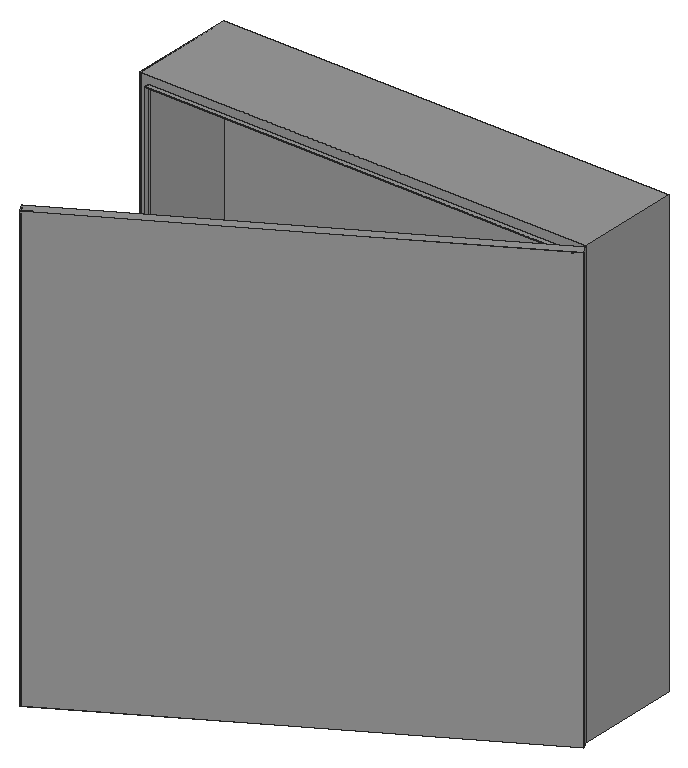
Revit family "Hager-Univers-IP44-D205-H800-Cl.II-Encl-NoHosted-AT-de", category Equipement électrique, Revit 2020
Family settings
  Configuration du panneau = Deux colonnes, circuits au sein
  Cote de connecteur circulaire = Utiliser le diamètre
  Type d'élément = Tableau de raccordement
  Basée sur le plan de construction = Oui
  Toujours verticalement = Oui
  Couper avec des vides une fois chargée = Non
  Partagée = Non
  Point de calcul de pièce = Non
Parameters (values of type "Aufputz IP44 B800 H800 T205  - FP53SN2")
  Width Control [instance] = if([EF000008 - Breite] > Min Width, [EF000008 - Breite], Min Width)  # 800 mm
  Commentaires du type = [HG000003 - Bereich]  # "Univers"
  Thickness Door [instance] = if([EF009171 - Materialstärke Tür/Deckel] > 3 mm, 3 mm, [EF009171 - Materialstärke Tür/Deckel])  # 1 mm
  Seal Frame Offset [instance] = 17 mm  # constant formula
  Plinth Visibility [instance] = [HG000027 - Sockelhöhe] > 0 mm  # no
  Min Width [instance] = 100 mm  # constant formula
  Min Depth [instance] = (2 * [EF009170 - Materialstärke Gehäuse]) + 1 mm  # 3 mm
  Min Height [instance] = 100 mm  # constant formula
  Internal Frame Depth [instance] = (Door System Depth * 0.5)  # 9 mm
  Panel Name [instance] = ""  # (empty or 0)
  Model = ""
  HG000027 - Sockelhöhe = 0 mm
  HG000026 - Stehend auf dem Boden = no
  HG000024 - Höhe des unteren Teils = 600 mm
  HG000023 - Gehäuse mit doppeltem Querschnitt = no
  HG000016 - 3D-Türsichtbarkeit [instance] = yes
  HG000015 - Sichtbarkeit der Türöffnung [instance] = no
  HG000014 - Tür rechts [instance] = yes
  HG000013 - Tür links [instance] = not([HG000014 - Tür rechts])  # no
  HG000012 - Türschwenkwinkel [instance] = 30.00°
  HG000010 - Asymmetrische Türen = no
  HG000009 - Doppelflügeligen Tür = no
  HG000006 - Unterputz = no
  HG000004 - Herstellerreferenz = "FP53SN2"
  HG000003 - Bereich = "Univers"
  HG000002 - Mit tür = yes
  Frame Offset Bottom [instance] = 10 mm  # constant formula
  Frame Offset [instance] = 15 mm  # constant formula
  EF015940 - Deckel mit Überdruckentlastung = no
  EF011959 - Schutzart (NEMA) = ""
  EF009554 - Anzahl der Öffnungen für Flanschplatten = 6
  EF009212 - Ausführung Deckel = "EV000116 - geschlossen"
  EF009171 - Materialstärke Tür/Deckel = 1 mm
  EF009170 - Materialstärke Gehäuse = 1 mm
  EF008873 - Nennstrom (In) = 250 A
  EF007800 - Geeignet für Blitzschutz = no
  EF006306 - Mit Schloss = no
  EF006244 - Transparenter Deckel/Tür = no
  EF005474 - Schutzart (IP) = "EV006418 - IP44"
  EF004464 - Art der Tür = "EV002646 - Einzel"
  EF004427 - Anzahl der Module = 180
  EF004293 - Schlagfestigkeit = "EV006815 - IK09"
  EF003532 - Geeignet für Außengebrauch = no
  EF002950 - Breite in Teilungseinheiten = 36
  EF001613 - Funktionserhalt = "EV000494 - ohne"
  EF001596 - Werkstoff des Gehäuses = "EV000179 - Stahl"
  EF001131 - Innentiefe = 130 mm
  EF001088 - Anbaumöglichkeit = yes
  EF000437 - Anzahl der Leitungseinführungen = 6
  EF000339 - Art der Abdeckung = "EV004216 - Tür"
  EF000266 - Anzahl der Reihen = 5
  EF000218 - Einbautiefe = 205 mm
  EF000118 - Mit Montageplatte = no
  EF000116 - RAL-Nummer = "9010"
  EF000049 - Tiefe = 205 mm
  EF000040 - Höhe = 800 mm
  EF000008 - Breite = 800 mm
  EF000007 - Farbe = "EV000202 - weiß"
  EF000003 - Montageart = "EV000384 - Aufputz"
  Door System Leaf Tolerance [instance] = 1.5 mm  # constant formula
  Door System Depth [instance] = 18 mm  # constant formula
  Door Height [instance] = Height Control - [HG000027 - Sockelhöhe]  # 800 mm
  Description = ""
  Default Elevation = 1219.2 mm
  Connector Offset [instance] = Height Control / 2  # 400 mm
  Fabricant = "Hager"  # constant formula
  Height Control [instance] = if([EF000040 - Höhe] > Min Height, [EF000040 - Höhe], Min Height)  # 800 mm
  Depth Control [instance] = if([EF000049 - Tiefe] > Min Depth, [EF000049 - Tiefe], Min Depth)  # 205 mm
  Bottom Top Plate Trim [instance] = 1.5 mm  # constant formula
  Plinth height Ctrl [instance] = if([HG000027 - Sockelhöhe] > 0 mm, [HG000027 - Sockelhöhe], 12 mm)  # 12 mm
Types (5, lengths in mm): name | Width Control | HG000010 - Asymmetrische Türen | HG000009 - Doppelflügeligen Tür | HG000004 - Herstellerreferenz | EF009554 - Anzahl der Öffnungen für Flanschplatten | EF004464 - Art der Tür | EF004427 - Anzahl der Module | EF002950 - Breite in Teilungseinheiten | EF000437 - Anzahl der Leitungseinführungen | EF000339 - Art der Abdeckung | EF000008 - Breite
  Aufputz IP44 B1050 H800 T205  - FP54SN2 | 1050 | no | yes | "FP54SN2" | 8 | "EV003602 - Doppel" | 240 | 48 | 8 | "EV004216 - Tür" | 1050
  Aufputz IP44 B1300 H800 T205  - FP55SN2 | 1300 | yes | yes | "FP55SN2" | 10 | "EV003602 - Doppel" | 300 | 60 | 10 | "EV004216 - Tür" | 1300
  Aufputz IP44 B300 H800 T205  - FP51SN2 | 300 | no | no | "FP51SN2" | 2 | "EV002646 - Einzel" | 60 | 12 | 2 | "EV001012 - Deckel" | 300
  Aufputz IP44 B550 H800 T205  - FP52SN2 | 550 | no | no | "FP52SN2" | 4 | "EV002646 - Einzel" | 120 | 24 | 4 | "EV001012 - Deckel" | 550
  Aufputz IP44 B800 H800 T205  - FP53SN2 | 800 | no | no | "FP53SN2" | 6 | "EV002646 - Einzel" | 180 | 36 | 6 | "EV004216 - Tür" | 800
Reference planes
  plane 1 "Center (Front/Back)": y = 0
  plane 2: z = 0
  plane 3 "Center (Left/Right)": x = 0
  plane 4: y = 0
  plane 5: y = 0
  plane 6: z = 0
  plane 7: x = -400
  plane 8: x = 400
  plane 9: x = 399
  plane 10: x = -399
  plane 11: z = 0
  plane 12: z = 1
  plane 13: y = -205
  plane 14: y = -1
  plane 15: x = 0
  plane 16: y = -187
  plane 17: y = -204
  plane 18: y = -186
  plane 19: x = -384
  plane 20: x = 384
  plane 21: z = 11
  plane 22: x = -383
  plane 23: x = 383
  plane 24: z = 0
  plane 25: z = 800
  plane 26: z = 800
  plane 27: z = 784
  plane 28: z = 799
Forms (mm)
  Extrusion 1, solid, material "Hager_Steel_RAL7035_Light_Grey", detail levels medium+fine
    sketch origin (-208.679, -4572, 0) x (-1, 0, 0) y (0, -1, 0)
      loop
        line (191.321, -4385) -> (-608.679, -4385) -> (-608.679, -4572) -> (191.321, -4572) -> (191.321, -4385)
    from 0 to 800
  Extrusion 2, void
    sketch origin (-350.771, -205, 1219.2) x (1, 0, 0) y (0, 0, 1)
      loop
        line (-48.229, -420.2) -> (-48.229, -1218.2) -> (749.771, -1218.2) -> (749.771, -420.2) -> (-48.229, -420.2)
    from -19 to -204
  Extrusion 3, void
    sketch origin (-290.084, -187, 1219.2) x (1, 0, 0) y (0, 0, 1)
      loop
        line (-93.916, -1208.2) -> (674.084, -1208.2) -> (674.084, -435.2) -> (-93.916, -435.2) -> (-93.916, -1208.2)
    from 0 to -1
  Extrusion 4, solid, material "Hager_Steel_RAL7035_Light_Grey", visible <- "Plinth Visibility", detail levels medium+fine
    sketch origin (0, 0, 0) x (1, 0, 0) y (0, 1, 0)
      loop
        line (-400, 0) -> (-400, -187) -> (400, -187) -> (400, 0) -> (-400, 0)
    from 0 to 12 <- "Plinth height Ctrl"
  Extrusion 5, solid, material "Hager_Steel_RAL7035_Light_Grey", detail levels coarse
    sketch origin (0, 0, 0) x (1, 0, 0) y (0, 1, 0)
      loop
        line (-400, 0) -> (-400, -205) -> (400, -205) -> (400, 0) -> (-400, 0)
    from 0 to 800 <- "Height Control"
  Sweep 6, void
    path in 3D
      loop
        line (-400, -187, 12) -> (400, -187, 12) -> (400, 0, 12) -> (-400, 0, 12) -> (-400, -187, 12)
    profile origin (-400, -93.5, 12) x (1, 0, 0) y (0, 0, 1)
      loop
        line (0, 0) -> (0, -1.5) -> (1.5, -1.5)
        arc (1.5, -1.5) -> (1.061, -0.439) -> (0, 0) r 1.5
  Extrusion 7, solid, material "Hager_Steel_RAL7035_Light_Grey", detail levels fine
    sketch origin (-400, -187, 0) x (1, 0, 0) y (0, 0, 1)
      loop
        line (16, 11) -> (784, 11) -> (784, 784) -> (16, 784) -> (16, 11)
      loop
        line (15, 10) -> (785, 10) -> (785, 785) -> (15, 785) -> (15, 10)
    from 0 to 9 <- "Internal Frame Depth"
Cuts and joins
  Extrusion 2, Extrusion 3 cuts Extrusion 1
  Sweep 6 cuts Extrusion 4
Lines and regions (mm)
  Masking region 1
    outline origin (0, 0, 0) x (1, 0, 0) y (0, 1, 0)
      loop
        line (-400, 0) -> (-400, -205) -> (400, -205) -> (400, 0) -> (-400, 0)
  Masking region 2, detail levels coarse
    outline origin (-290.084, -187, 1219.2) x (-1, 0, 0) y (0, 0, 1)
      loop
        line (-690.084, -1219.2) -> (109.916, -1219.2) -> (109.916, -419.2) -> (-690.084, -419.2) -> (-690.084, -1219.2)
  Masking region 3, detail levels coarse
    outline origin (0, 0, 0) x (0, 1, 0) y (0, 0, 1)
      loop
        line (0, 0) -> (0, 800) -> (-205, 800) -> (-205, 0) -> (0, 0)
  Masking region 4, visible <- "Plinth Visibility", detail levels medium+fine
    outline origin (0, 0, 0) x (0, 1, 0) y (0, 0, 1)
      loop
        line (-1.5, 12) -> (-185.5, 12)
        arc (-185.5, 12) -> (-185.939, 10.939) -> (-187, 10.5) r 1.5
        line (-187, 10.5) -> (-187, 0) -> (0, 0) -> (0, 10.5)
        arc (0, 10.5) -> (-1.061, 10.939) -> (-1.5, 12) r 1.5
  Masking region 5, detail levels medium+fine
    outline origin (0, 0, 594.038) x (0, 1, 0) y (0, 0, 1)
      loop
        line (0, -594.038) -> (0, 205.962) -> (-187, 205.962) -> (-187, -594.038) -> (0, -594.038)
  Masking region 6, detail levels medium+fine
    outline origin (-359.7, -187, 1211.883) x (-1, 0, 0) y (0, 0, 1)
      loop
        line (-759.7, -1211.883) -> (40.3, -1211.883) -> (40.3, -411.883) -> (-759.7, -411.883) -> (-759.7, -1211.883)
  Masking region 7, visible <- "Plinth Visibility", detail levels medium+fine
    outline origin (-320.334, -187, 1041.368) x (-1, 0, 0) y (0, 0, 1)
      loop
        line (-720.334, -1041.368) -> (79.666, -1041.368) -> (79.666, -1030.868)
        arc (79.666, -1030.868) -> (78.606, -1030.429) -> (78.166, -1029.368) r 1.5
        line (78.166, -1029.368) -> (-718.834, -1029.368)
        arc (-718.834, -1029.368) -> (-719.273, -1030.429) -> (-720.334, -1030.868) r 1.5
        line (-720.334, -1030.868) -> (-720.334, -1041.368)
  sketch lines
    curve 1: line (-400, 0, 12) -> (-400, -187, 12)
    curve 2: line (-400, -187, 12) -> (400, -187, 12)
    curve 3: line (400, 0, 12) -> (-400, 0, 12)
    curve 4: line (400, -187, 12) -> (400, 0, 12)
Dimensions and locks
  locked: plane 1 "Center (Front/Back)" to plane 5
  "EF009170 - Materialstärke Gehäuse": plane 7 to plane 10
  "EF009170 - Materialstärke Gehäuse": plane 8 to plane 9
  equal spacing: plane 7, plane 3 "Center (Left/Right)", plane 8
  "Width Control": plane 7 to plane 8
  "Depth Control": plane 4 to plane 13
  "EF009170 - Materialstärke Gehäuse": plane 4 to plane 14
  "Height Control": plane 25 to level
  "HG000027 - Sockelhöhe": plane 11 to level
  "EF009170 - Materialstärke Gehäuse": plane 12 to plane 11
  "EF009170 - Materialstärke Gehäuse": plane 17 to plane 13
  "EF009170 - Materialstärke Gehäuse": plane 18 to plane 16
  "Frame Offset Bottom": plane 21 to plane 12
  "Frame Offset": plane 10 to plane 19
  "Frame Offset": plane 9 to plane 20
  "Door System Depth": plane 16 to plane 13
  "Seal Frame Offset": plane 7 to plane 22
  "Seal Frame Offset": plane 8 to plane 23
  "EF009170 - Materialstärke Gehäuse": plane 26 to plane 28
  "Frame Offset": plane 28 to plane 27
  "Connector Offset": plane 2 to connector elem
  "Bottom Top Plate Trim": profile plane to Sweep 6 sketch curve
  "Bottom Top Plate Trim": Sweep 6 sketch curve to Sweep 6 sketch curve
  "Plinth height Ctrl": Masking region 4 sketch curve to level
  "Plinth height Ctrl": Masking region 7 sketch curve to level
  "Thickness Door": Extrusion 7 sketch curve to Extrusion 7 sketch curve  (x4)
  "Bottom Top Plate Trim": radius of Sweep 6 sketch curve
  "Bottom Top Plate Trim": radius of Masking region 4 sketch curve  (x2)
  "Bottom Top Plate Trim": radius of Masking region 7 sketch curve  (x2)
  aligned and locked: Extrusion 2 sketch curve to plane 12
  aligned and locked: Extrusion 2 sketch curve to plane 9
  aligned and locked: Extrusion 2 sketch curve to plane 10
  aligned and locked: Extrusion 2 to plane 14
  aligned and locked: Extrusion 1 sketch curve to plane 4
  aligned and locked: plane 8 to Extrusion 1 sketch curve
  aligned and locked: plane 7 to Extrusion 1 sketch curve
  aligned and locked: Extrusion 2 to plane 18
  aligned and locked: Extrusion 3 sketch curve to plane 19
  aligned and locked: plane 20 to Extrusion 3 sketch curve
  aligned and locked: Extrusion 3 to Extrusion 2
  aligned and locked: Extrusion 3 sketch curve to plane 21
  aligned and locked: plane 3 "Center (Left/Right)" to nested 1
  aligned and locked: Extrusion 1 sketch curve to plane 16
  aligned and locked: Extrusion 4 sketch curve to cut or joined group of Extrusion 1, Extrusion 2, Extrusion 3
  aligned and locked: Masking region 1 sketch curve to plane 7
  aligned and locked: Masking region 1 sketch curve to plane 5
  aligned and locked: Masking region 1 sketch curve to plane 8
  aligned and locked: Masking region 2 sketch curve to level
  aligned and locked: level to Masking region 3 sketch curve
  aligned and locked: plane 1 "Center (Front/Back)" to Masking region 3 sketch curve
  aligned and locked: plane 13 to Masking region 3 sketch curve
  aligned and locked: plane 5 to Masking region 4 sketch curve
  aligned and locked: Masking region 2 sketch curve to plane 8
  aligned and locked: Masking region 2 sketch curve to plane 7
  aligned and locked: plane 7 to nested 2
  aligned and locked: nested 2 to plane 5
  aligned and locked: plane 5 to Masking region 5 sketch curve
  aligned and locked: plane 26 to Masking region 5 sketch curve
  aligned and locked: Extrusion 5 sketch curve to plane 8
  aligned and locked: Extrusion 5 sketch curve to plane 7
  aligned and locked: Extrusion 5 sketch curve to plane 5
  aligned and locked: Extrusion 3 sketch curve to plane 27
  aligned and locked: Extrusion 2 sketch curve to plane 28
  aligned and locked: Masking region 2 to plane 25
  aligned and locked: Extrusion 4 to plane 16
  aligned and locked: profile plane to Sweep 6 sketch curve
  aligned and locked: Masking region 5 sketch curve to plane 24
  aligned and locked: level to Masking region 4 sketch curve
  aligned and locked: Masking region 1 to plane 13
  aligned and locked: nested 1 to plane 16
  aligned and locked: Masking region 3 to plane 25
  aligned and locked: plane 16 to Masking region 4 sketch curve
  aligned and locked: Masking region 5 sketch curve to plane 16
  aligned and locked: plane 24 to plane 11
  aligned and locked: plane 26 to plane 25
  aligned and locked: plane 26 to cut or joined group of Extrusion 1, Extrusion 2, Extrusion 3
  aligned and locked: nested 1 to plane 24
  aligned and locked: Extrusion 1 to Extrusion 3
  aligned and locked: Masking region 6 sketch curve to plane 8
  aligned and locked: Masking region 6 sketch curve to plane 24
  aligned and locked: Masking region 6 sketch curve to plane 7
  aligned and locked: Masking region 6 sketch curve to plane 26
  aligned and locked: Masking region 7 sketch curve to plane 7
  aligned and locked: level to Masking region 7 sketch curve
  aligned and locked: Masking region 7 sketch curve to plane 8
  aligned and locked: Extrusion 7 sketch curve to cut or joined group of Extrusion 1, Extrusion 2, Extrusion 3  (x4)
Automatic sketch dimensions
  plane 19 to Extrusion 3 sketch curve = 0 mm
  Extrusion 3 sketch curve to plane 20 = 0 mm
  Extrusion 3 sketch curve to plane 21 = 0 mm
  Extrusion 4 sketch curve to plane 7 = 0 mm
  Extrusion 4 sketch curve to plane 8 = 0 mm
  Extrusion 4 sketch curve to plane 16 = 0 mm
  Masking region 1 sketch curve to plane 13 = 0 mm
  Masking region 2 sketch curve to plane 25 = 0 mm
  Masking region 3 sketch curve to plane 25 = 0 mm
  Extrusion 5 sketch curve to plane 13 = 0 mm
  profile plane to Sweep 6 sketch curve = 0 mm
Nested families
  nested 1: "EC000058_Univers_Door" at (0, -187, 0), Double <- "HG000009 - Doppelflügeligen Tür", Transparent <- "EF006244 - Transparenter Deckel/Tür", Angle <- "HG000012 - Türschwenkwinkel", Door_Right <- "HG000014 - Tür rechts", Assymetrical <- "HG000010 - Asymmetrische Türen", Door <- "HG000002 - Mit tür", Width_Ctrl <- "Width Control", 3d_Door <- "HG000016 - 3D-Türsichtbarkeit", Clearance <- "HG000015 - Sichtbarkeit der Türöffnung", Door_Left <- "HG000013 - Tür links", Width <- "Width Control", Door_Depth <- "Door System Depth", Leaf_Tolerance <- "Door System Leaf Tolerance", Height <- "Door Height", Lock_Visibility <- "EF006306 - Mit Schloss", Thickness <- "Thickness Door", type "EC000058_Univers_Door", detail levels medium+fine
    with min_wh 3 mm, Width_Ctrl 800 mm, Width 800 mm, Transparent no, Thickness 1 mm, Seal_Material Hager_Rubber, Lock_Visibility no, Lock_Material Hager_Plastic_RAL9005_Jet_Black, Leaf_Width 800 mm, Leaf_Tolerance_External_Sides 0 mm, Leaf_Tolerance 1.5 mm, Leaf_Offset 0 mm, Leaf_Height 797 mm, Leaf_2_Width 800 mm, Leaf_2_Offset 400 mm, Leaf_1_Width 800 mm, Leaf_1_Offset 400 mm, Height_Ctrl 800 mm, Height 800 mm, Glass_Material Hager_Glass, Double_Clearance_Ctrl no, Double no, Door_Right_Ctrl yes, Door_Right yes, Door_Material Hager_Steel_RAL7035_Light_Grey, Door_Left_Ctrl no, Door_Left no, Door_Depth 18 mm, Door yes, Clearance_Material Hager_Clearance, Clearance_Depth 800 mm, Clearance_Ctrl no, Clearance no, Assymetrical no, Angle 30.00°, 3d_Door yes
  nested 2: "Hager_Enclosure_Symbol" at (-400, 0, 0), Height <- "Depth Control", Width <- "Width Control", type "Hager_Enclosure_Symbol"
    with Width_Ctrl 800 mm, Width 800 mm, Height_Ctrl 205 mm, Height 205 mm, A_Width_Int 13.453 mm, A_Width 161.438 mm, A_Height_Ctrl 179.375 mm, A_Height 179.375 mm
Connectors
  electrical at (0, 0, 400)
    settings: on plane 1 "Center (Front/Back)", index 1, voltage 0 V, apparent load 0 VA, apparent load phase1 0 VA, apparent load phase2 0 VA, apparent load phase3 0 VA, power factor 1, load classification "Other", number of poles 1, system type 30, power factor state 1, is connector primary yes, connector utility no, sub classification motor no, connector description ""
Definition of nested family "EC000058_Univers_Door"
  Parameters (values of type "EC000058_Univers_Door")
    min_wh [instance] = (2 * Thickness) + 1 mm  # 11 mm
    Width_Ctrl [instance] = 400 mm
    Width [instance] = 500 mm
    Transparent [instance] = yes
    Thickness [instance] = 5 mm
    Seal_Material [instance] = none
    Lock_Visibility [instance] = yes
    Lock_Material [instance] = none
    Leaf_Width [instance] = if((Width_Ctrl - 2 * Leaf_Tolerance_External_Sides) > 0 mm, (Width_Ctrl - 2 * Leaf_Tolerance_External_Sides), min_wh)  # 400 mm
    Leaf_Tolerance_External_Sides [instance] = 0 mm  # constant formula
    Leaf_Tolerance [instance] = 1.5 mm
    Leaf_Offset [instance] = 0 mm  # constant formula
    Leaf_Height [instance] = if((Height_Ctrl - 2 * Leaf_Tolerance) > 0 mm, (Height_Ctrl - 2 * Leaf_Tolerance), min_wh)  # 497 mm
    Leaf_2_Width [instance] = if(and(and(Double, Assymetrical), Door_Left), (Leaf_Width / 3) - (Leaf_Tolerance / 2), if(and(and(Double, Assymetrical), Door_Right), (Leaf_Width / 3) * 2 - (Leaf_Tolerance / 2), if(and(Double, not(Assymetrical)), (Leaf_Width / 2) - Leaf_Tolerance, Leaf_Width)))  # 400 mm
    Leaf_2_Offset [instance] = if(and(Double, Assymetrical), Leaf_2_Width / 2, if(and(Double, not(Assymetrical)), Leaf_Width / 4, Leaf_Width / 2))  # 200 mm
    Leaf_1_Width [instance] = if(and(and(Double, Assymetrical), Door_Right), (Leaf_Width / 3) - (Leaf_Tolerance / 2), if(and(and(Double, Assymetrical), Door_Left), (Width / 3) * 2 - (Leaf_Tolerance / 2), if(and(Double, not(Assymetrical)), (Leaf_Width / 2) - Leaf_Tolerance, Leaf_Width)))  # 400 mm
    Leaf_1_Offset [instance] = if(and(Double, Assymetrical), Leaf_1_Width / 2, if(and(Double, not(Assymetrical)), Leaf_Width / 4, Leaf_Width / 2))  # 200 mm
    Height_Ctrl [instance] = if(Height > min_wh, Height, min_wh)  # 500 mm
    Height [instance] = 500 mm
    Glass_Material [instance] = none
    Double_Clearance_Ctrl [instance] = and(Double, Clearance)  # no
    Double [instance] = no
    Door_Right_Ctrl [instance] = and(or(Door_Right, Double), Door)  # yes
    Door_Right [instance] = yes
    Door_Material [instance] = none
    Door_Left_Ctrl [instance] = and(or(Door_Left, Double), Door)  # no
    Door_Left [instance] = no
    Door_Depth [instance] = 30 mm
    Door [instance] = yes
    Default Elevation = 1219.2 mm
    Clearance_Material [instance] = none
    Clearance_Depth [instance] = if(Leaf_1_Width > Leaf_2_Width, Leaf_1_Width, Leaf_2_Width)  # 400 mm
    Clearance_Ctrl [instance] = and(not(Double), Clearance)  # yes
    Clearance [instance] = yes
    Assymetrical [instance] = yes
    Angle [instance] = 30.00°
    3d_Door [instance] = yes
  Reference planes
    plane 1 "Center (Front/Back)": y = 0
    plane 2 "Bottom": z = 0
    plane 3 "Center (Left/Right)": x = 0
    plane 4: z = 500
    plane 5: x = -200
    plane 6: x = 200
    plane 7: z = 500
    plane 8: x = -200
    plane 9: z = 0
    plane 10: x = 200
    plane 11: y = 0
    plane 12: z = 1.5
    plane 13: x = -600
    plane 14: y = -400
    plane 15: x = 600
    plane 16: x = 0
    plane 17: x = 0
    plane 18: x = -200
    plane 19: x = 200
    plane 20: z = 498.5
  Forms (mm)
    Extrusion 1, solid, material <- "Clearance_Material", visible <- "Double_Clearance_Ctrl"
      sketch origin (1200, 0, 0) x (1, 0, 0) y (0, 0, -1)
        loop
          line (-1800, -498.5) -> (-600, -498.5) -> (-600, 0) -> (-1800, 0) -> (-1800, -498.5)
      from 0 to -400
  Dimensions and locks
    equal spacing: plane 5, plane 3 "Center (Left/Right)", plane 6
    "Width_Ctrl": plane 5 to plane 6
    "Leaf_Offset": plane 5 to plane 8
    "Leaf_Offset": plane 6 to plane 10
    "Leaf_Offset": plane 9 to level
    "Leaf_Offset": plane 4 to plane 7
    "Height_Ctrl": plane 4 to level
    "Leaf_Tolerance": plane 12 to plane 9
    locked: plane 11 to plane 1 "Center (Front/Back)"
    "Leaf_1_Offset": plane 18 to plane 16
    "Leaf_2_Offset": plane 17 to plane 19
    "Leaf_1_Width": plane 13 to plane 8
    "Leaf_2_Width": plane 10 to plane 15
    "Clearance_Depth": plane 14 to plane 1 "Center (Front/Back)"
    "Leaf_Tolerance_External_Sides": plane 8 to plane 18
    "Leaf_Tolerance_External_Sides": plane 19 to plane 10
    "Leaf_Tolerance": plane 7 to plane 20
    aligned and locked: level to plane 2 "Bottom"
    aligned and locked: nested 1 to plane 16
    aligned and locked: nested 2 to plane 17
    aligned and locked: Extrusion 1 to plane 13
    aligned and locked: plane 15 to Extrusion 1
    aligned and locked: Extrusion 1 to plane 14
    aligned and locked: plane 12 to nested 1
    aligned and locked: nested 2 to plane 12
    aligned and locked: Extrusion 1 to plane 11
    aligned and locked: plane 20 to Extrusion 1
    aligned and locked: nested 2 to plane 11
    aligned and locked: nested 1 to plane 11
  Automatic sketch dimensions
    Extrusion 1 sketch curve to level = 0 mm
    plane 5 to Extrusion 1 sketch curve = 400 mm
    plane 6 to Extrusion 1 sketch curve = 400 mm
    Extrusion 1 sketch curve to plane 4 = 1.5 mm
  Nested families
    nested 1: "EC000058_Univers_Door_Leaf" at (0, 0, 1.5), Width <- "Leaf_1_Width", visible <- "Door_Left_Ctrl", Leaf_Height <- "Leaf_Height", Angle <- "Angle", 3d_Door <- "3d_Door", Transparent <- "Transparent", Clearance Material <- "Clearance_Material", Clearance <- "Clearance_Ctrl", Door_Material <- "Door_Material", Glass_Material <- "Glass_Material", Door_Depth <- "Door_Depth", Lock_Material <- "Lock_Material", Seal_Material <- "Seal_Material", Lock_Visibility <- "Lock_Visibility", Thickness <- "Thickness", type "EC000058_Univers_Door_Leaf"
      with Width 400 mm, Transparent_Glass_Offset 30 mm, Transparent_Ctrl yes, Transparent yes, Thickness 5 mm, Standard no, Seal_Material none, Seal_D2 8 mm, Seal_D1 1 mm, Offset_Internal_Frame 10 mm, Lock_Width 20 mm, Lock_Visibility_3d yes, Lock_Visibility yes, Lock_Thickness_3 3 mm, Lock_Thickness_2 1 mm, Lock_Thickness_1 3 mm, Lock_Radius_Offset_2 16 mm, Lock_Radius_Offset_1 15 mm, Lock_Radius_2 5 mm, Lock_Radius 6 mm, Lock_Offset 5 mm, Lock_Material none, Lock_Height 80 mm, Lock_Cover_Top_Offset_2d 17 mm, Lock_Cover_Height -65 mm, Leaf_Height 497 mm, Internal_Seal_Thickness 8 mm, Internal_Seal_Depth_2 4.5 mm, Internal_Frame_Depth 25 mm, Glass_Thickness -1 mm, Glass_Offset -2 mm, Glass_Material none, Door_Material none, Door_Depth 30 mm, Clearance Material none, Clearance yes, Angle_Ctrl 30.00°, Angle 30.00°, 3d_Door yes
    nested 2: "EC000058_Univers_Door_Leaf" at (0, 0, 1.5) x (-1, 0, 0) z (0, 0, 1), Width <- "Leaf_2_Width", visible <- "Door_Right_Ctrl", Leaf_Height <- "Leaf_Height", Angle <- "Angle", 3d_Door <- "3d_Door", Transparent <- "Transparent", Clearance Material <- "Clearance_Material", Clearance <- "Clearance_Ctrl", Door_Material <- "Door_Material", Glass_Material <- "Glass_Material", Door_Depth <- "Door_Depth", Lock_Material <- "Lock_Material", Seal_Material <- "Seal_Material", Lock_Visibility <- "Lock_Visibility", Thickness <- "Thickness", type "EC000058_Univers_Door_Leaf"
      with Width 400 mm, Transparent_Glass_Offset 30 mm, Transparent_Ctrl yes, Transparent yes, Thickness 5 mm, Standard no, Seal_Material none, Seal_D2 8 mm, Seal_D1 1 mm, Offset_Internal_Frame 10 mm, Lock_Width 20 mm, Lock_Visibility_3d yes, Lock_Visibility yes, Lock_Thickness_3 3 mm, Lock_Thickness_2 1 mm, Lock_Thickness_1 3 mm, Lock_Radius_Offset_2 16 mm, Lock_Radius_Offset_1 15 mm, Lock_Radius_2 5 mm, Lock_Radius 6 mm, Lock_Offset 5 mm, Lock_Material none, Lock_Height 80 mm, Lock_Cover_Top_Offset_2d 17 mm, Lock_Cover_Height -65 mm, Leaf_Height 497 mm, Internal_Seal_Thickness 8 mm, Internal_Seal_Depth_2 4.5 mm, Internal_Frame_Depth 25 mm, Glass_Thickness -1 mm, Glass_Offset -2 mm, Glass_Material none, Door_Material none, Door_Depth 30 mm, Clearance Material none, Clearance yes, Angle_Ctrl 30.00°, Angle 30.00°, 3d_Door yes
  Definition of nested family "EC000058_Univers_Door_Leaf"
    Parameters (values of type "EC000058_Univers_Door_Leaf")
      Width [instance] = 2000 mm
      Transparent_Glass_Offset [instance] = 30 mm
      Transparent_Ctrl [instance] = and(Transparent, [3d_Door])  # yes
      Transparent [instance] = yes
      Thickness [instance] = 5 mm
      Standard [instance] = and(not(Transparent), [3d_Door])  # no
      Seal_Material [instance] = none
      Seal_D2 [instance] = 8 mm  # constant formula
      Seal_D1 [instance] = 1 mm  # constant formula
      Offset_Internal_Frame [instance] = 10 mm  # constant formula
      Lock_Width [instance] = 20 mm  # constant formula
      Lock_Visibility_3d [instance] = and(Lock_Visibility, [3d_Door])  # yes
      Lock_Visibility [instance] = yes
      Lock_Thickness_3 [instance] = 3 mm  # constant formula
      Lock_Thickness_2 [instance] = 1 mm  # constant formula
      Lock_Thickness_1 [instance] = 3 mm  # constant formula
      Lock_Radius_Offset_2 [instance] = Lock_Radius_Offset_1 + 1 mm  # 16 mm
      Lock_Radius_Offset_1 [instance] = 15 mm  # constant formula
      Lock_Radius_2 [instance] = Lock_Radius - 1 mm  # 5 mm
      Lock_Radius [instance] = 6 mm  # constant formula
      Lock_Offset [instance] = 5 mm  # constant formula
      Lock_Material [instance] = none
      Lock_Height [instance] = 80 mm  # constant formula
      Lock_Cover_Top_Offset_2d [instance] = Lock_Radius_Offset_2 + 1 mm  # 17 mm
      Lock_Cover_Height [instance] = -(Lock_Height - Lock_Radius_Offset_1)  # -65 mm
      Leaf_Height [instance] = 2720.336 mm
      Internal_Seal_Thickness [instance] = 8 mm  # constant formula
      Internal_Seal_Depth_2 [instance] = 4.5 mm  # constant formula
      Internal_Frame_Depth [instance] = if(Door_Depth - Thickness > 5 mm, Door_Depth - Thickness, 5 mm)  # 25 mm
      Glass_Thickness [instance] = if(Thickness > 15 mm, Glass_Offset + 10 mm, -1 mm)  # -1 mm
      Glass_Offset [instance] = if(Thickness > 15 mm, -(Thickness + 10 mm) / 2, -2 mm)  # -2 mm
      Glass_Material [instance] = none
      Door_Material [instance] = none
      Door_Depth [instance] = 30 mm
      Default Elevation = 0 mm
      Clearance Material [instance] = none
      Clearance [instance] = yes
      Angle_Ctrl [instance] = if(Angle > 180.00°, 180.00°, Angle)  # 90.00°
      Angle [instance] = 90.00°
      3d_Door [instance] = yes
    Reference planes
      plane 1 "Center (Front/Back)": y = 0
      plane 2: z = 0
      plane 3 "Center (Left/Right)": x = 0
      plane 4: y = 2000
      plane 5: x = -1000
      plane 6: x = 1000
      plane 7: x = -3000
      plane 8: z = 2720.336
      plane 9: z = 30
      plane 10: z = 2690.336
      plane 11: x = 970
      plane 12: x = -970
      plane 13: y = -3
      plane 14: z = 107.833
      plane 15: y = -5
      plane 16: y = -223.314
      plane 17: x = -1000
      plane 18: z = 1360.168
      plane 19: y = 30
    Forms (mm)
      Extrusion 1, solid, material <- "Clearance Material", visible <- "Clearance"
        sketch origin (0, 0, 0) x (1, 0, 0) y (0, 0, 1)
          loop
            line (-3000, 2720.336) -> (-3000, 0) -> (1000, 0) -> (1000, 2720.336) -> (-3000, 2720.336)
        from 0 to -2000
      Extrusion 2, solid, material <- "Door_Material", visible <- "Standard", detail levels medium+fine
        sketch origin (-1000, 0, 0) x (0, 1, 0) y (-1, 0, 0)
          loop
            line (0, 30) -> (0, 25) -> (2000, 25) -> (2000, 30) -> (0, 30)
        from 0 to 2720.336 <- "Leaf_Height"
      Extrusion 3, solid, material <- "Door_Material", visible <- "Transparent_Ctrl", detail levels medium+fine
        sketch origin (-1000, 0, 0) x (0, 1, 0) y (-1, 0, 0)
          loop
            line (0, 25) -> (2000, 25) -> (2000, 30) -> (0, 30) -> (0, 25)
        from 0 to 2720.336 <- "Leaf_Height"
      Extrusion 4, void
        sketch origin (-1025, 2000, 0) x (0, 1, 0) y (0, 0, -1)
          loop
            line (-30, -2690.336) -> (-30, -30) -> (-1970, -30) -> (-1970, -2690.336) -> (-30, -2690.336)
        from 0 to 5 <- "Thickness"
      Sweep 5, solid, material <- "Seal_Material", visible <- "Transparent_Ctrl", detail levels fine
        path in 3D
          loop
            line (-1025, 30, 30) -> (-1025, 30, 2690.336) -> (-1025, 1970, 2690.336) -> (-1025, 1970, 30) -> (-1025, 30, 30)
        profile origin (-1025, 1000, 30) x (1, 0, 0) y (0, 0, 1)
          loop
            line (0, 0) -> (0, -8) -> (1, -8) -> (1, 0) -> (0, 0)
      Extrusion 6, solid, material <- "Glass_Material", visible <- "Transparent_Ctrl", detail levels medium+fine
        sketch origin (-1030, 0, 0) x (0, 1, 0) y (0, 0, -1)
          loop
            line (1970, -2690.336) -> (1970, -30) -> (30, -30) -> (30, -2690.336) -> (1970, -2690.336)
        from -2 <- "Glass_Offset" to -1 <- "Glass_Thickness"
      Extrusion 7, solid, material <- "Door_Material", visible <- "3d_Door", detail levels medium+fine
        sketch origin (-1025, 2000, 0) x (0, -1, 0) y (0, 0, -1)
          loop
            line (0, -2720.336) -> (2000, -2720.336) -> (2000, 0) -> (0, 0) -> (0, -2720.336)
          loop
            line (1995, -5) -> (5, -5) -> (5, -2715.336) -> (1995, -2715.336) -> (1995, -5)
        from 0 to 25 <- "Internal_Frame_Depth"
      Sweep 8, solid, material <- "Seal_Material", visible <- "Transparent_Ctrl", detail levels fine
        path in 3D
          loop
            line (-1025, 0, 0) -> (-1025, 2000, 0) -> (-1025, 2000, 2720.336) -> (-1025, 0, 2720.336) -> (-1025, 0, 0)
        profile origin (-1025, 0, 1360.168) x (1, 0, 0) y (0, 1, 0)
          loop
            line (0, 10) -> (2.975, 10)
            arc (2.975, 10) -> (4.053, 10.447) -> (4.5, 11.525) r 1.525
            line (4.5, 11.525) -> (4.5, 16.527)
            arc (4.5, 16.527) -> (4.069, 17.569) -> (3.027, 18) r 1.473
            line (3.027, 18) -> (0, 18) -> (0, 10)
      Extrusion 9, solid, material <- "Lock_Material", visible <- "Lock_Visibility_3d", detail levels fine
        sketch origin (-1030, 0, 0) x (0, 1, 0) y (0, 0, -1)
          loop
            arc (1993.5, -1400.168) -> (1994.561, -1399.729) -> (1995, -1398.668) r 1.5
            line (1995, -1398.668) -> (1995, -1320.168) -> (1975, -1320.168) -> (1975, -1398.668)
            arc (1975, -1398.668) -> (1975.439, -1399.729) -> (1976.5, -1400.168) r 1.5
            line (1976.5, -1400.168) -> (1993.5, -1400.168)
        from 3 <- "Lock_Thickness_1" to 0
      Blend 10, solid, material <- "Lock_Material", visible <- "Lock_Visibility_3d", detail levels fine
        base sketch origin (-1033, 0, 0) x (0, 1, 0) y (0, 0, -1)
          loop
            line (1975, -1320.168) -> (1975, -1398.668)
            arc (1975, -1398.668) -> (1975.439, -1399.729) -> (1976.5, -1400.168) r 1.5
            line (1976.5, -1400.168) -> (1993.5, -1400.168)
            arc (1993.5, -1400.168) -> (1994.561, -1399.729) -> (1995, -1398.668) r 1.5
            line (1995, -1398.668) -> (1995, -1320.168) -> (1975, -1320.168)
        top sketch origin (-1033, 0, 0) x (0, 1, 0) y (0, 0, -1)
          loop
            line (1976, -1320.168) -> (1976, -1398.668)
            arc (1976, -1398.668) -> (1976.146, -1399.022) -> (1976.5, -1399.168) r 0.5
            line (1976.5, -1399.168) -> (1993.5, -1399.168)
            arc (1993.5, -1399.168) -> (1993.854, -1399.022) -> (1994, -1398.668) r 0.5
            line (1994, -1398.668) -> (1994, -1320.168) -> (1976, -1320.168)
        from 0 to 1 <- "Lock_Thickness_2"
      Blend 11, solid, material <- "Lock_Material", visible <- "Lock_Visibility_3d", detail levels fine
        base sketch origin (-1034, 0, 0) x (0, 1, 0) y (0, 0, -1)
          loop
            line (1978, -1320.168) -> (1978, -1384.168)
            arc (1978, -1384.168) -> (1985, -1391.168) -> (1992, -1384.168) r 7
            line (1992, -1384.168) -> (1992, -1320.168) -> (1978, -1320.168)
        top sketch origin (-1034, 0, 0) x (0, 1, 0) y (0, 0, -1)
          loop
            line (1991, -1320.168) -> (1979, -1320.168) -> (1979, -1383.168)
            arc (1979, -1383.168) -> (1985, -1389.168) -> (1991, -1383.168) r 6
            line (1991, -1383.168) -> (1991, -1320.168)
        from 0 to 3 <- "Lock_Thickness_3"
      Extrusion 12, solid, material <- "Lock_Material", visible <- "Lock_Visibility_3d", detail levels fine
        sketch origin (-1030, 1975, 1320.168) x (1, 0, 0) y (0, -1, 0)
          loop
            line (-7, -19) -> (-7, -1) -> (0, -1) -> (0, 0) -> (-8, 0) -> (-8, -20) -> (0, -20) -> (0, -19) -> (-7, -19)
        from 0 to -65 <- "Lock_Cover_Height"
      Extrusion 13, void
        sketch origin (-1038, 1995, 1320.168) x (-1, 0, 0) y (0, 0, -1)
          loop
            line (-5, -65) -> (0, -65) -> (-5, -60) -> (-5, -65)
        from 0 to 20 <- "Lock_Width"
      Extrusion 14, void
        sketch origin (-1038, 1975, 1320.168) x (0, -1, 0) y (0, 0, -1)
          loop
            circle (-10, -15.995) r 6
          loop
            circle (-10, -15.995) r 5
        from 0 to 2
      Extrusion 15, solid, material <- "Lock_Material", visible <- "Lock_Visibility_3d", detail levels medium
        sketch origin (-1030, 0, 0) x (0, 1, 0) y (0, 0, -1)
          loop
            arc (1993.5, -1400.168) -> (1994.561, -1399.729) -> (1995, -1398.668) r 1.5
            line (1995, -1398.668) -> (1995, -1320.168) -> (1975, -1320.168) -> (1975, -1398.668)
            arc (1975, -1398.668) -> (1975.439, -1399.729) -> (1976.5, -1400.168) r 1.5
            line (1976.5, -1400.168) -> (1993.5, -1400.168)
        from 8 to 0
    Cuts and joins
      Extrusion 4 cuts Extrusion 3
      Extrusion 13, Extrusion 14 cuts Extrusion 9
      Extrusion 14 cuts Blend 11
      Extrusion 13, Extrusion 14 cuts Extrusion 12
      joined: Extrusion 9, Blend 10, Blend 11, Extrusion 12
      Extrusion 14 cuts Extrusion 15
    Lines and regions (mm)
      Masking region 1, visible <- "Lock_Visibility", detail levels fine
        outline origin (0, 0, 0) x (0, 1, 0) y (0, 0, 1)
          loop
            line (30, 1320.168) -> (33, 1320.168) -> (33, 1400.168) -> (30, 1400.168) -> (30, 1320.168)
      Masking region 2, visible <- "Lock_Visibility", detail levels fine
        outline origin (0, 3.143, 0) x (0, 1, 0) y (0, 0, 1)
          loop
            line (29.857, 1354.168) -> (30.857, 1354.168) -> (30.857, 1366.168) -> (29.857, 1366.168) -> (29.857, 1354.168)
      Masking region 3, detail levels medium+fine
        outline origin (0, 0, 0) x (0, 1, 0) y (0, 0, 1)
          loop
            line (0, 0) -> (30, 0) -> (30, 2720.336) -> (0, 2720.336) -> (0, 0)
      Masking region 4, detail levels medium+fine
        outline origin (0, 0, 0) x (1, 0, 0) y (0, 0, 1)
          loop
            line (-1000, 2720.336) -> (-1000, 0) -> (1000, 0) -> (1000, 2720.336) -> (-1000, 2720.336)
      Masking region 5, visible <- "Lock_Visibility", detail levels fine
        outline origin (-47.116, 0, 0) x (1, 0, 0) y (0, 0, 1)
          loop
            arc (1024.616, 1399.168) -> (1023.556, 1398.729) -> (1023.116, 1397.668) r 1.5
            line (1023.116, 1397.668) -> (1023.116, 1320.168) -> (1041.116, 1320.168) -> (1041.116, 1397.668)
            arc (1041.116, 1397.668) -> (1040.677, 1398.729) -> (1039.616, 1399.168) r 1.5
            line (1039.616, 1399.168) -> (1024.616, 1399.168)
      Masking region 6, visible <- "Lock_Visibility", detail levels medium+fine
        outline origin (-25, 0, 0) x (1, 0, 0) y (0, 0, 1)
          loop
            arc (1001.5, 1400.168) -> (1000.439, 1399.729) -> (1000, 1398.668) r 1.5
            line (1000, 1398.668) -> (1000, 1320.168) -> (1020, 1320.168) -> (1020, 1398.668)
            arc (1020, 1398.668) -> (1019.561, 1399.729) -> (1018.5, 1400.168) r 1.5
            line (1018.5, 1400.168) -> (1001.5, 1400.168)
      Masking region 7, visible <- "Lock_Visibility", detail levels fine
        outline origin (-73.735, 0, 0) x (1, 0, 0) y (0, 0, 1)
          loop
            line (1051.735, 1382.168) -> (1065.735, 1382.168) -> (1065.735, 1384.168)
            arc (1065.735, 1384.168) -> (1058.735, 1391.168) -> (1051.735, 1384.168) r 7
            line (1051.735, 1384.168) -> (1051.735, 1382.168)
      Masking region 8, visible <- "Lock_Visibility", detail levels fine
        outline origin (-73.735, 0, 0) x (1, 0, 0) y (0, 0, 1)
          loop
            line (1052.735, 1382.168) -> (1064.735, 1382.168) -> (1064.735, 1383.168)
            arc (1064.735, 1383.168) -> (1058.735, 1389.168) -> (1052.735, 1383.168) r 6
            line (1052.735, 1383.168) -> (1052.735, 1382.168)
      Masking region 9, visible <- "Lock_Visibility", detail levels fine
        outline origin (-25, 0, 0) x (1, 0, 0) y (0, 0, 1)
          loop
            line (1020, 1320.168) -> (1020, 1382.168) -> (1000, 1382.168) -> (1000, 1320.168) -> (1020, 1320.168)
      Masking region 10, detail levels medium+fine
        outline origin (0, 0, 0) x (1, 0, 0) y (0, 0, 1)
          loop
            circle (985, 1335.144) r 6
      Masking region 11, detail levels fine
        outline origin (0, 0, 0) x (1, 0, 0) y (0, 0, 1)
          loop
            circle (985, 1335.144) r 5
      Masking region 12, visible <- "Lock_Visibility", detail levels fine
        outline origin (0, 12.767, 0) x (0, 1, 0) y (0, 0, 1)
          loop
            line (20.233, 1320.168) -> (21.233, 1320.168) -> (21.233, 1399.168) -> (20.233, 1400.168) -> (20.233, 1320.168)
      Masking region 13, visible <- "Lock_Visibility", detail levels fine
        outline origin (0, 13.767, -10) x (0, 1, 0) y (0, 0, 1)
          loop
            line (20.233, 1330.168) -> (23.233, 1330.168) -> (23.233, 1399.168) -> (20.233, 1402.168) -> (20.233, 1330.168)
      Masking region 14, visible <- "Lock_Visibility", detail levels fine
        outline origin (0, 12.767, -10) x (0, 1, 0) y (0, 0, 1)
          loop
            line (20.233, 1330.168) -> (25.233, 1330.168) -> (25.233, 1399.305) -> (20.233, 1394.305) -> (20.233, 1330.168)
      Masking region 15, visible <- "Lock_Visibility", detail levels medium
        outline origin (0, 0, 0) x (0, 1, 0) y (0, 0, 1)
          loop
            line (30, 1320.168) -> (38, 1320.168) -> (38, 1400.168) -> (30, 1400.168) -> (30, 1320.168)
      Masking region 16, visible <- "Lock_Visibility", detail levels fine
        outline origin (-1000, 0, 0) x (0, 1, 0) y (-1, 0, 0)
          loop
            line (1975, 30) -> (1995, 30) -> (1995, 38) -> (1975, 38) -> (1975, 30)
          loop
            line (1979, 37) -> (1976, 37) -> (1976, 34) -> (1978, 34) -> (1979, 37)
          loop
            line (1994, 37) -> (1991, 37) -> (1992, 34) -> (1994, 34) -> (1994, 37)
      Masking region 17, visible <- "Lock_Visibility", detail levels medium
        outline origin (-1000, 0, 0) x (0, 1, 0) y (-1, 0, 0)
          loop
            line (1975, 30) -> (1995, 30) -> (1995, 38) -> (1975, 38) -> (1975, 30)
      symbolic lines
        curve 1: line (1000, 0, 0) -> (-3000, 0, 0)
        curve 2: arc (1000, 0, 0) -> (-1000, 2000, 0) -> (-3000, 0, 0) r 2000
        curve 4: line (-1030, 0, 0) -> (-1030, 2000, 0)
      reference lines
        curve 3: line (-1000, 0, 0) -> (-1000, 2000, 0)
      symbolic lines, detail levels medium+fine
        curve 5: line (-1030, 2000, 0) -> (-1025, 2000, 0)
        curve 7: line (-1025, 0, 0) -> (-1030, 0, 0)
        curve 8: line (-1025, 0, 0) -> (-1000, 0, 0)
        curve 9: line (-1000, 0, 0) -> (-1000, 2000, 0)
        curve 10: line (-1000, 2000, 0) -> (-1025, 2000, 0)
      symbolic lines, detail levels fine
        curve 6: line (-1025, 2000, 0) -> (-1025, 0, 0)
      sketch lines
        curve 11: line (-1025, 0, 2720.336) -> (-1025, 0, 0)
        curve 12: line (-1025, 2000, 0) -> (-1025, 0, 0)
        curve 13: line (-1025, 2000, 2720.336) -> (-1025, 2000, 0)
        curve 14: line (-1025, 0, 2720.336) -> (-1025, 2000, 2720.336)
        curve 15: line (-1025, 1970, 30) -> (-1025, 30, 30)
        curve 16: line (-1025, 30, 30) -> (-1025, 30, 2690.336)
        curve 17: line (-1025, 1970, 2690.336) -> (-1025, 1970, 30)
        curve 18: line (-1025, 30, 2690.336) -> (-1025, 1970, 2690.336)
      symbolic lines, visible <- "Transparent", detail levels medium+fine
        curve 19: line (-970, 0, 2690.336) -> (970, 0, 2690.336)
        curve 20: line (-970, 0, 30) -> (-970, 0, 2690.336)
        curve 21: line (970, 0, 30) -> (-970, 0, 30)
        curve 22: line (970, 0, 2690.336) -> (970, 0, 30)
    Dimensions and locks
      "Width": plane 1 "Center (Front/Back)" to plane 4
      equal spacing: plane 5, plane 3 "Center (Left/Right)", plane 6
      "Width": plane 5 to plane 6
      "Width": plane 7 to plane 5
      "Leaf_Height": plane 8 to level
      "Width": curve 5 to curve 3
      "Width": curve 3 to curve 3
      plane 8 to plane 10 = 30 mm
      plane 9 to level = 30 mm
      plane 12 to plane 5 = 30 mm
      plane 6 to plane 11 = 30 mm
      Extrusion 1 to Extrusion 4 sketch curve = 30 mm
      "Transparent_Glass_Offset": curve 3 to Extrusion 4 sketch curve
      "Transparent_Glass_Offset": Extrusion 4 sketch curve to cut or joined group of Extrusion 3, Extrusion 4  (x2)
      cut or joined group of Extrusion 3, Extrusion 4 to Extrusion 6 sketch curve = 30 mm
      "Transparent_Glass_Offset": cut or joined group of Extrusion 3, Extrusion 4 to Extrusion 4 sketch curve
      "Thickness": curve 6 to curve 4
      "Thickness": Extrusion 7 sketch curve to Extrusion 7 sketch curve  (x4)
      "Door_Depth": curve 4 to curve 3
      "Offset_Internal_Frame": profile plane to Sweep 8 sketch curve
      "Internal_Seal_Thickness": Sweep 8 sketch curve to Sweep 8 sketch curve
      "Internal_Seal_Depth_2": profile plane to Sweep 8 sketch curve
      "Seal_D1": profile plane to Sweep 5 sketch curve
      "Seal_D2": profile plane to Sweep 5 sketch curve
      "Thickness": Extrusion 2 sketch curve to Extrusion 2 sketch curve
      equal spacing: Extrusion 9 sketch curve, plane 18, Extrusion 9 sketch curve  (x2)
      equal spacing: Masking region 1 sketch curve, plane 18, Masking region 1 sketch curve
      "Lock_Height": Masking region 1 sketch curve to Masking region 1 sketch curve
      "Lock_Radius": Masking region 2 sketch curve to plane 18 to Masking region 2 sketch curve
      Masking region 2 sketch curve to Masking region 1 = 1 mm
      "Door_Depth": plane 19 to plane 1 "Center (Front/Back)"
      "Lock_Thickness_1": Masking region 1 sketch curve to plane 19
      "Lock_Width": Extrusion 9 sketch curve to Extrusion 9 sketch curve
      "Lock_Height": Extrusion 9 sketch curve to Extrusion 9 sketch curve
      "Lock_Offset": cut or joined group of Extrusion 3, Extrusion 4 to Extrusion 9 sketch curve
      equal spacing: plane 8, plane 18, level
      "Lock_Radius_Offset_1": Blend 11 sketch curve to Blend 10
      locked: Blend 10 to Blend 11 sketch curve at 2  (x2)
      locked: var sketch to Blend 11 sketch curve at 1  (x2)
      "Lock_Radius_Offset_2": Blend 11 sketch curve to Blend 10
      locked: Extrusion 12 sketch curve to Extrusion 12 sketch curve at 1  (x3)
      Masking region 6 sketch curve to Masking region 6 sketch curve = 80 mm
      "Lock_Height": Masking region 6 sketch curve to Masking region 6 sketch curve
      "Lock_Width": Masking region 6 sketch curve to Masking region 6 sketch curve
      locked: Masking region 6 to Masking region 5 sketch curve at 1  (x3)
      locked: Masking region 5 to Masking region 7 sketch curve at 2  (x2)
      "Lock_Radius_Offset_1": Masking region 5 to Masking region 7 sketch curve
      "Lock_Radius_Offset_2": Masking region 5 to Masking region 8 sketch curve
      locked: Masking region 7 to Masking region 8 sketch curve at 1  (x2)
      "Lock_Cover_Top_Offset_2d": Masking region 5 to Masking region 9 sketch curve
      equal spacing: Masking region 9, Masking region 10 sketch curve, Masking region 9
      equal spacing: Masking region 9, Masking region 11 sketch curve, Masking region 9
      Extrusion 15 sketch curve to Extrusion 15 sketch curve = 80 mm
      "Lock_Width": Extrusion 15 sketch curve to Extrusion 15 sketch curve
      "Lock_Height": Extrusion 15 sketch curve to Extrusion 15 sketch curve
      equal spacing: Extrusion 15 sketch curve, plane 18, Extrusion 15 sketch curve
      "Lock_Thickness_3": Masking region 13 sketch curve to Masking region 13 sketch curve
      "Lock_Height": Masking region 12 sketch curve to Masking region 12 sketch curve
      locked: Masking region 13 sketch curve to Masking region 1 at 8
      locked: Masking region 14 sketch curve to Masking region 13 at 1
      locked: Masking region 14 sketch curve to Masking region 1 at 10.863
      "Lock_Height": Masking region 15 sketch curve to Masking region 15 sketch curve
      "Lock_Offset": Extrusion 15 sketch curve to cut or joined group of Extrusion 3, Extrusion 4
      "Lock_Offset": plane 6 to Masking region 6 sketch curve
      radius of Sweep 8 sketch curve = 1.525 mm
      radius of Sweep 8 sketch curve = 1.473 mm
      radius of Extrusion 9 sketch curve = 1.5 mm  (x2)
      "Lock_Radius": radius of Extrusion 14 sketch curve
      "Lock_Radius_2": radius of Extrusion 14 sketch curve
      "Lock_Radius": radius of Masking region 10 sketch curve
      "Lock_Radius_2": radius of Masking region 11 sketch curve
      radius of Extrusion 15 sketch curve = 1.5 mm  (x2)
      "Angle_Ctrl": angle plane 1 "Center (Front/Back)" to curve 3
      locked: Masking region 12 sketch curve to Masking region 12 sketch curve (angle 45.00°)
      locked: Masking region 13 sketch curve to Masking region 13 sketch curve (angle 45.00°)
      locked: Masking region 14 sketch curve to Masking region 14 sketch curve (angle 45.00°)
      aligned and locked: level to plane 2
      aligned and locked: Extrusion 1 to curve 1
      aligned and locked: plane 6 to Extrusion 1
      aligned and locked: Extrusion 1 to plane 1 "Center (Front/Back)"
      aligned and locked: plane 4 to Extrusion 1
      aligned and locked: plane 8 to Extrusion 1
      aligned and locked: curve 7 to Extrusion 2 sketch curve
      aligned and locked: curve 5 to Extrusion 2 sketch curve
      aligned and locked: curve 7 to Extrusion 3 sketch curve
      aligned and locked: Extrusion 3 sketch curve to curve 4
      aligned and locked: Extrusion 3 sketch curve to curve 6
      aligned and locked: Extrusion 3 sketch curve to curve 5
      aligned and locked: curve 9 to curve 3
      aligned and locked: Extrusion 7 sketch curve to cut or joined group of Extrusion 3, Extrusion 4  (x4)
      aligned and locked: plane 17 to curve 3
      aligned and locked: plane 1 "Center (Front/Back)" to curve 3
      aligned and locked: plane 17 to plane 5
      aligned and locked: Sweep 8 sketch curve to profile plane
      aligned and locked: Sweep 5 sketch curve to profile plane  (x2)
      aligned and locked: Masking region 1 to Masking region 2 sketch curve
      aligned and locked: plane 19 to Masking region 1 sketch curve
      aligned and locked: plane 1 "Center (Front/Back)" to Masking region 3 sketch curve
      aligned and locked: plane 19 to Masking region 3 sketch curve
      aligned and locked: level to Masking region 3 sketch curve
      aligned and locked: Masking region 3 sketch curve to plane 8
      aligned and locked: plane 17 to Masking region 4 sketch curve
      aligned and locked: level to Masking region 4 sketch curve
      aligned and locked: Masking region 4 sketch curve to plane 8
      aligned and locked: plane 12 to curve 20
      aligned and locked: plane 10 to curve 19
      aligned and locked: plane 11 to curve 22
      aligned and locked: curve 21 to plane 9
      aligned and locked: Extrusion 2 sketch curve to cut or joined group of Extrusion 3, Extrusion 4
      aligned and locked: Blend 10 sketch curve to Extrusion 9  (x4)
      aligned and locked: Extrusion 9 to Blend 10 sketch curve
      aligned and locked: Blend 10 to Blend 11 sketch curve
      aligned and locked: Extrusion 12 sketch curve to Blend 11
      aligned and locked: Extrusion 12 sketch curve to Extrusion 9  (x4)
      aligned and locked: Masking region 5 sketch curve to Masking region 6
      aligned and locked: Masking region 9 sketch curve to Masking region 6  (x3)
      aligned and locked: Masking region 12 sketch curve to Masking region 1
      aligned and locked: Masking region 13 sketch curve to Masking region 1
      aligned and locked: Masking region 12 to Masking region 14
      aligned and locked: Masking region 14 sketch curve to Masking region 1
      aligned and locked: Masking region 15 sketch curve to Masking region 14
      aligned and locked: Masking region 13 sketch curve to Masking region 12
      aligned and locked: Masking region 16 sketch curve to cut or joined group of Extrusion 14, Extrusion 15  (x4)
      aligned and locked: Masking region 16 sketch curve to cut or joined group of Extrusion 9, Blend 10, Blend 11, Extrusion 12, Extrusion 13, Extrusion 14  (x6)
      aligned and locked: cut or joined group of Extrusion 9, Blend 10, Blend 11, Extrusion 12, Extrusion 13, Extrusion 14 to Masking region 16 sketch curve
      aligned and locked: Masking region 17 sketch curve to cut or joined group of Extrusion 14, Extrusion 15  (x3)
      aligned and locked: Masking region 17 sketch curve to cut or joined group of Extrusion 9, Blend 10, Blend 11, Extrusion 12, Extrusion 13, Extrusion 14
      aligned and locked: Masking region 9 to Masking region 8 sketch curve
      aligned and locked: Masking region 9 to Masking region 7 sketch curve
    Automatic sketch dimensions
      plane 1 "Center (Front/Back)" to curve 2 = 0 mm
      curve 2 to plane 5 = 0 mm
      Extrusion 1 sketch curve to level = 0 mm
      Extrusion 1 sketch curve to plane 7 = 0 mm
      Extrusion 1 sketch curve to plane 6 = 0 mm
      Extrusion 1 sketch curve to plane 8 = 0 mm
      Extrusion 3 to Extrusion 6 sketch curve = 30 mm  (x4)
      Masking region 4 sketch curve to plane 6 = 0 mm
      Blend 10 sketch curve to Extrusion 9 = 1.5 mm
      Blend 10 sketch curve to Extrusion 9 = 1 mm
      Extrusion 13 sketch curve to Extrusion 12 = 0 mm  (x2)
      Extrusion 12 to Extrusion 13 sketch curve = 3 mm
      Extrusion 13 sketch curve to Extrusion 12 = 5 mm
      Extrusion 14 sketch curve to Extrusion 14 sketch curve = 0 mm  (x2)
      Extrusion 14 sketch curve to Extrusion 12 = 10 mm
      Extrusion 14 sketch curve to Extrusion 12 = 15.995 mm
      Masking region 5 sketch curve to Masking region 5 sketch curve = 1.5 mm  (x2)
      Masking region 10 sketch curve to plane 18 = 25.024 mm
      Masking region 11 sketch curve to plane 18 = 25.024 mm
      plane 19 to Masking region 14 sketch curve = 3 mm
      Masking region 16 sketch curve to Masking region 16 sketch curve = 3 mm
      curve 4 to curve 3 = 0 mm
      Blend 10 to Blend 11 sketch curve = 0 mm
      Masking region 6 sketch curve to Masking region 6 sketch curve = 1.5 mm  (x2)
      Masking region 6 sketch curve to plane 18 = 40 mm
      plane 19 to Masking region 12 sketch curve = 3 mm
      Masking region 12 sketch curve to Masking region 12 sketch curve = 1 mm
      Masking region 15 sketch curve to plane 19 = 0 mm
      Masking region 15 sketch curve to plane 18 = 40 mm
      radius of Blend 10 sketch curve to Extrusion 9 = 1 mm
Definition of nested family "Hager_Enclosure_Symbol"
  Parameters (values of type "Hager_Enclosure_Symbol")
    Width_Ctrl [instance] = if(Width > 1 mm, Width, 1 mm)  # 102.27 mm
    Width [instance] = 102.27 mm
    Height_Ctrl [instance] = if(Height > 1 mm, Height, 1 mm)  # 66.5 mm
    A_Width_Int [instance] = if(A_Width / 12 > 2 mm, A_Width / 12, 2 mm)  # 4.364 mm
    A_Width [instance] = if(A_Height_Ctrl * 0.9 > 2 mm, A_Height_Ctrl * 0.9, 2 mm)  # 52.369 mm
    A_Height_Ctrl [instance] = if(A_Height > 2 mm, A_Height, 2 mm)  # 58.188 mm
    Height [instance] = 66.5 mm
    A_Height [instance] = Height - (Height / 8)  # 58.188 mm
  Reference planes
    plane 1 "Centre (avant/arrière)": y = 0
    plane 2: z = 0
    plane 3 "Centre (gauche/droite)": x = 0
    plane 4: x = 52.369
    plane 5: y = 33.042
    plane 6: y = 41.77
    plane 7: y = 66.5
    plane 8: x = 26.184
    plane 9: y = 37.406
    plane 10: x = 102.27
    plane 11: y = 66.5
    plane 12: y = 8.313
  Lines and regions (mm)
    Filled region 1, type "Solid_Black", in view "Niveau de réf."
      outline origin (0, 0, 0) x (1, 0, 0) y (0, 1, 0)
        loop
          line (52.369, 66.5) -> (33.188, 54.536) -> (45.365, 45.006) -> (52.369, 66.5)
    Filled region 2, type "Solid_Black", in view "Niveau de réf."
      outline origin (0, 0, 0) x (1, 0, 0) y (0, 1, 0)
        loop
          line (0, 0) -> (102.27, 0) -> (102.27, 66.5) -> (0, 0)
    detail lines, in view "Niveau de réf."
      curve 1: line (0, 8.313, 0) -> (26.184, 41.77, 0)
      curve 2: line (26.184, 41.77, 0) -> (26.184, 33.042, 0)
      curve 3: line (26.184, 33.042, 0) -> (52.369, 66.5, 0)
  Dimensions and locks
    "A_Width": plane 3 "Centre (gauche/droite)" to plane 4
    equal spacing: plane 3 "Centre (gauche/droite)", plane 8, plane 4
    equal spacing: plane 6, plane 9, plane 5
    equal spacing: curve 3, Filled region 1 sketch curve, Filled region 1 sketch curve
    "Height_Ctrl": plane 1 "Centre (avant/arrière)" to plane 11
    "A_Height_Ctrl": plane 11 to plane 12
    equal spacing: plane 11, plane 9, plane 12
    "A_Width_Int": plane 6 to plane 9
    "Width_Ctrl": plane 3 "Centre (gauche/droite)" to plane 10
    angle Filled region 1 sketch curve to curve 3 = 20.00°
    angle curve 3 to Filled region 1 sketch curve = 20.00°
    locked: curve 3 to Filled region 1 sketch curve (angle 90.00°)
    aligned and locked: plane 10 to Filled region 2
    aligned and locked: plane 11 to Filled region 2 sketch curve
    aligned and locked: plane 10 to Filled region 2 sketch curve
    aligned and locked: plane 3 "Centre (gauche/droite)" to curve 1
    aligned and locked: plane 12 to curve 1
    aligned and locked: plane 7 to plane 11
  Automatic sketch dimensions
    Filled region 1 sketch curve to plane 4 = 0 mm
    Filled region 1 sketch curve to plane 7 = 0 mm
    plane 1 "Centre (avant/arrière)" to Filled region 2 sketch curve = 0 mm
    Filled region 2 sketch curve to plane 3 "Centre (gauche/droite)" = 0 mm
    curve 2 to plane 6 = 0 mm
    curve 2 to plane 8 = 0 mm
    curve 3 to plane 4 = 0 mm
    curve 2 to plane 5 = 0 mm
    curve 3 to plane 7 = 0 mm
